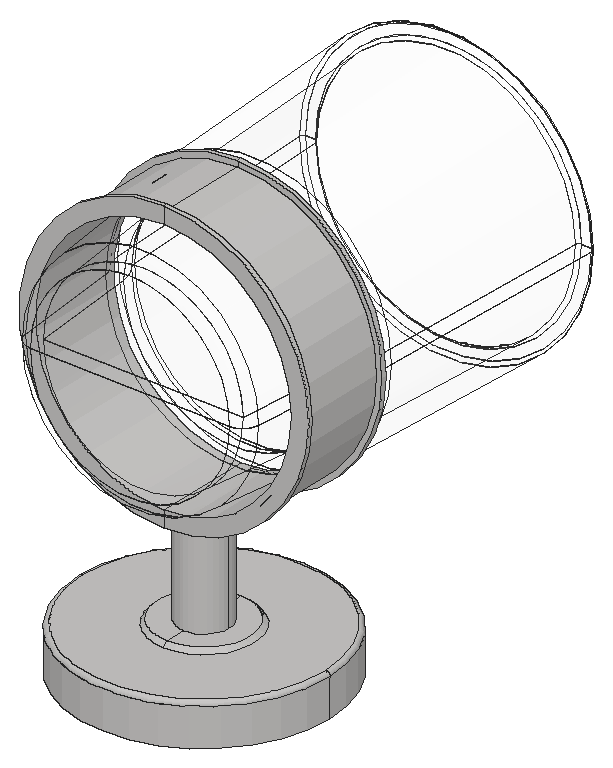
Revit family "PRD_FrankeWS_TmblrHldrs_MEDIUSTumblerHolder_MEDX006HP", category Specialty Equipment, host Face, Revit 2018
Family settings
  Host = Face
  Round Connector Dimension = Use Diameter
  Part Type = Normal
  OmniClass Number = 23.40.20.21
  OmniClass Title = Toilet and Bath Specialties
  Cut with Voids When Loaded = No
  Shared = No
  Room Calculation Point = No
Parameters (values of type "MEDX006HP")
  WarrantyStartDate [instance] = "1900-12-31T23:59:59"
  WarrantyGuarantorParts = "n/a"
  WarrantyGuarantorLabor = "n/a"
  WarrantyDurationUnit = "year"
  WarrantyDurationParts = "n/a"
  WarrantyDurationLabor = "n/a"
  WarrantyDescription = "n/a"
  Version = "1"
  Uniclass2015Version = "Products v1.17"
  Uniclass2015Title = "Tumbler holders"
  Uniclass2015Code = "Pr_40_20_76_92"
  URL = "www.kwc.com"
  TypeOfMounting = "Wall mounting"
  TagNumber [instance] = "n/a"
  SustainabilityPerformance = "n/a"
  Style = "Tumbler holder"
  Size = "70 x 100 x 105 mm"
  Shape = "n/a"
  SerialNumber [instance] = "n/a"
  Revision = "n/a"
  ReplacementCost = "n/a"
  ProductInformation = "https://pim.kwc.com/product/2000106251/attachment/datasheet?locale=en"
  NominalWidth = 70.00 mm
  NominalHeight = 100.00 mm
  NominalDepth = 105.00 mm
  NetWeight = 0.36 kg
  Name = "Tumbler Holder MEDX006HP"
  NBSTypeID = "n/a"
  NBSReference = "45-35-72/376"
  NBSOfficeMasterTag = "n/a"
  NBSNote = "n/a"
  NBSDescription = "Tumbler holders"
  NBSCertification = "n/a"
  ModelReference = "MEDX006HP"
  ModelNumber = "2000106251"
  Model = ModelReference  # "MEDX006HP"
  MaterialCode = "1.4301"
  Material = "stainless steel"
  ManufacturerURL = "www.kwc.com"
  ManufacturerName = "KWC Group AG"  # constant formula
  Manufacturer = ManufacturerName  # "KWC Group AG"
  MainColor = "stainless steel"
  IsBuiltIn = "TRUE"
  IntegralAccessories = "incl. stainless steel screws and dowels"
  InstallationDate [instance] = "1900-12-31T23:59:59"
  IfcExportType = "USERDEFINED"
  IfcExportAs = "IfcFurnitureType"
  HolderMaterial = PRD_AR_StainlessSteel_HighPolished
  GrossWeight = 0.40 kg
  Grade = "n/a"
  Finish = "high polished"
  Features = "stainless steel, surface high polished"
  ExpectedLife = "n/a"
  DurationUnit = "year"
  Description = "Tumbler holder for wall mounting, 304 stainless steel, glass cup, round covers to conceal the fixing of screws, inclusive stainless steel screws and dowels."
  Default Elevation = 800.00 mm
  CupMaterial = PRD_AR_FrostedGlass
  CreateOn = "05/2020"  # constant formula
  Constituents = "n/a"
  Color = "n/a"
  CodePerformance = "n/a"
  Category = "Pr_40_20_76_92, Tumbler holders"
  BarCode [instance] = "n/a"
  BIMObjectName = "PRD_AR_TumblerHolders_MEDIUSTumblerHolder_MEDX006HP"
  Author = "Archispace"  # constant formula
  AssetType = "Fixed"
  AssetIdentifier [instance] = "n/a"
  AccessibilityPerformance = "n/a"
Reference planes
  plane 1 "Center (Front/Back)": y = 0
  plane 2: z = 0
  plane 3 "Center (Left/Right)": x = 0
  plane 4: z = 82.5
Forms (mm)
  Extrusion 1, solid, material "PRD_AR_StainlessSteel_HighPolished" <- "HolderMaterial", detail levels fine
    sketch origin (273, 0, 0) x (1, 0, 0) y (0, 1, 0)
      loop
        circle (-273, 0) r 30
    from 0 to 10
  Extrusion 2, solid, material "PRD_AR_StainlessSteel_HighPolished" <- "HolderMaterial", detail levels medium
    sketch origin (273, 0, 0) x (1, 0, 0) y (0, 1, 0)
      loop
        circle (-273, 0) r 30
    from 0 to 10
  Sweep 3, void
    path in 3D
      loop
        arc (-30, 0, 10) -> (0, 30, 10) -> (30, 0, 10) r 30
        arc (30, 0, 10) -> (0, -30, 10) -> (-30, 0, 10) r 30
    profile origin (0, -30, 10) x (0, -1, 0) y (0, 0, 1)
      loop
        line (0, 0) -> (-1, 0)
        arc (-1, 0) -> (-0.293, -0.293) -> (0, -1) r 1
        line (0, -1) -> (0, 0)
  Extrusion 4, solid, material "PRD_AR_StainlessSteel_HighPolished" <- "HolderMaterial", detail levels fine
    sketch origin (0, 0, 0) x (1, 0, 0) y (0, 1, 0)
      loop
        circle (0, 0) r 6
    from 11 to 38.797
  Extrusion 5, solid, material "PRD_AR_StainlessSteel_HighPolished" <- "HolderMaterial", detail levels medium
    sketch origin (0, 0, 0) x (1, 0, 0) y (0, 1, 0)
      loop
        circle (0, 0) r 6
    from 10 to 35
  Sweep 6, solid, material "PRD_AR_FrostedGlass" <- "CupMaterial", detail levels medium
    path origin (0, 0, 0) x (0, 1, 0) y (0, 0, 1)
      loop
        line (73, 82.5) -> (-22, 82.5)
    profile origin (0, 25.5, 82.5) x (0, 0, -1) y (1, 0, 0)
      loop
        circle (12.5, 0) r 35
  Extrusion 7, solid, material "PRD_AR_StainlessSteel_HighPolished" <- "HolderMaterial", detail levels coarse
    sketch origin (0, 0, 0) x (1, 0, 0) y (0, 0, 1)
      loop
        line (-35, 0) -> (35, 0) -> (35, 70)
        arc (35, 70) -> (0, 105) -> (-35, 70) r 35
        line (-35, 70) -> (-35, 0)
    from -73 to 30
  Revolve 8, solid, material "PRD_AR_StainlessSteel_HighPolished" <- "HolderMaterial", detail levels fine
    sketch origin (0, 0, 0) x (0, 1, 0) y (0, 0, 1)
      loop
        line (-11, 38.4) -> (-10, 38.4) -> (-10, 36.9) -> (10, 36.9) -> (10, 35.5) -> (11, 35.5) -> (11, 39.5) -> (-12, 39.5) -> (-12, 35.5) -> (-11, 35.5) -> (-11, 38.4)
      axis (11, 70) -> (-12, 70)
    angle from 0 to 360
  Revolve 9, solid, material "PRD_AR_FrostedGlass" <- "CupMaterial", detail levels fine
    sketch origin (0, 0, 70) x (1, 0, 0) y (0, 1, 0)
      loop
        line (0, -22) -> (0, -18) -> (-23.784, -18) -> (-26.227, 8.892)
        arc (-26.227, 8.892) -> (-26.808, 11.354) -> (-28.051, 13.558) r 9
        arc (-28.051, 13.558) -> (-28.517, 14.408) -> (-28.703, 15.359) r 3.164
        line (-28.703, 15.359) -> (-30.966, 72.232)
        arc (-30.966, 72.232) -> (-31.211, 72.777) -> (-31.766, 73) r 0.8
        line (-31.766, 73) -> (-34.168, 73)
        arc (-34.168, 73) -> (-34.744, 72.754) -> (-34.967, 72.168) r 0.8
        line (-34.967, 72.168) -> (-32.7, 15.2)
        arc (-32.7, 15.2) -> (-32.278, 13.047) -> (-31.224, 11.122) r 7.164
        arc (-31.224, 11.122) -> (-30.533, 9.898) -> (-30.211, 8.53) r 5
        line (-30.211, 8.53) -> (-27.767, -18.362)
        arc (-27.767, -18.362) -> (-26.481, -20.954) -> (-23.784, -22) r 4
        line (-23.784, -22) -> (0, -22)
      axis (0, 73) -> (0, -22)
    angle from 0 to 360
  Revolve 10, solid, material "PRD_AR_StainlessSteel_HighPolished" <- "HolderMaterial", detail levels fine
    sketch origin (0, 0, 0) x (0, 1, 0) y (0, 0, 1)
      loop
        line (0, 10) -> (12, 10) -> (11, 11) -> (0, 11) -> (0, 10)
      axis (0, 11) -> (0, 10)
    angle from 0 to 360
Cuts and joins
  Sweep 3 cuts Extrusion 1
  joined: Extrusion 4, Revolve 8
Lines and regions (mm)
  sketch lines
    curve 1: arc (30, 0, 10) -> (0, -30, 10) -> (-30, 0, 10) r 30
    curve 2: arc (-30, 0, 10) -> (0, 30, 10) -> (30, 0, 10) r 30
Dimensions and locks
  aligned and locked: plane 2 to host face
  aligned and locked: level to host face
